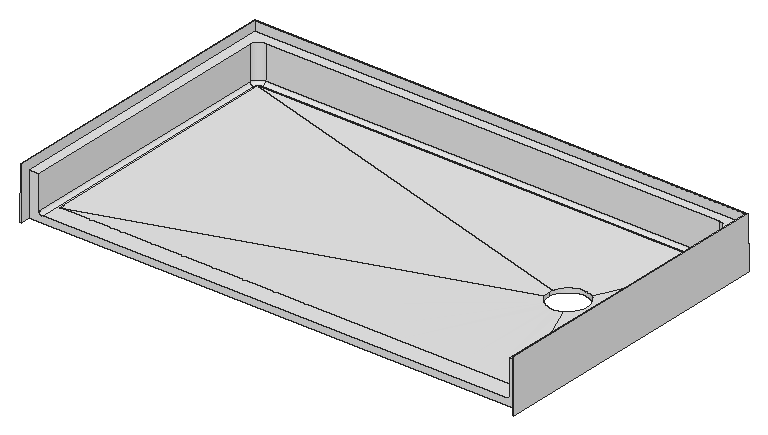
Revit family "P5430E75T,E75T,E2B,E2B", category Plumbing Fixtures, Revit 2017
Family settings
  Round Connector Dimension = Use Diameter
  Part Type = Normal
  OmniClass Number = 23.45.05.14.17
  OmniClass Title = Showers
  Work Plane-Based = No
  Always vertical = Yes
  Cut with Voids When Loaded = No
  Shared = No
  Room Calculation Point = No
Parameters (values of type "P5430E75B")
  Unit Width = 54"
  Unit Height = 5 3/4"
  Unit Depth = 31"
  URL = "http://www.bestbath.com/"
  Type Comments = "Barrier Free"
  Threshold Height = 3/4"
  Model = "P5430E75B"
  Material [instance] = Best Bath Gelcoat Fiberglass - Smooth
  Manufacturer = "Best Bath Systems, Inc."
  Keynote = "22 40 00.B3"
  Description = "Beveled Threshold"
  Assembly Code = "D2010710"
Types (5): name | Unit Height | Threshold Height | Model | Description
  (no name) | 5 3/4" | 3/4" | "P5430E75B" | "Beveled Threshold"
  P5430E75B | 5 3/4" | 3/4" | "P5430E75B" | "Beveled Threshold"
  P5430E75T | 5 3/4" | 3/4" | "P5430E75T" | "Traditionals Bull Nose Threshold"
  P5430E2T | 7" | 2" | "P5430E2T" | "Traditionals Bull Nose Threshold"
  P5430E2B | 7" | 2" | "P5430E2B" | "Beveled Threshold"
Reference planes (in)
  plane 1: z = 0
  plane 2: y = 5.36165
  plane 3: y = 36.36165
  plane 4: y = 35.11165
  plane 5: y = 22.36165
  plane 6: z = 0.375
  plane 7: z = 0.75
  plane 8: z = 4.75
  plane 9: y = 4.36165
  plane 10: y = 5.36165
  plane 11: x = 0
  plane 12: x = 54
Forms (in)
  Extrusion 1, solid, material "Best Bath Gelcoat Fiberglass - Smooth"
    sketch origin (0, 0, 0) x (1, 0, 0) y (0, 1, 0)
      loop
        line (0, 5.36165) -> (54, 5.36165) -> (54, 36.36165) -> (0, 36.36165) -> (0, 5.36165)
      loop
        circle (45.5, 22.36165) r 2.125
    from 0 to 0.75
  Blend 2, void
    base sketch origin (0, 0, 0) x (1, 0, 0) y (0, 1, 0)
      loop
        line (1.875, 7.36165) -> (52.125, 7.36165) -> (52.125, 34.48665) -> (1.875, 34.48665) -> (1.875, 7.36165)
    top sketch origin (0, 0, 0) x (1, 0, 0) y (0, 1, 0)
      loop
        circle (45.5, 22.36165) r 0.07952
    from 0.75 to 0.375
  Extrusion 3, solid, material "Best Bath Gelcoat Fiberglass - Smooth"
    sketch origin (0, 0, 0) x (1, 0, 0) y (0, 1, 0)
      loop
        line (0, 36.36165) -> (0, 5.36165) -> (1.25, 5.36165) -> (1.25, 34.11165)
        arc (1.25, 34.11165) -> (1.54289, 34.81875) -> (2.25, 35.11165) r 1
        line (2.25, 35.11165) -> (51.75, 35.11165)
        arc (51.75, 35.11165) -> (52.45711, 34.81875) -> (52.75, 34.11165) r 1
        line (52.75, 34.11165) -> (52.75, 5.36165) -> (54, 5.36165) -> (54, 35.11165) -> (54, 36.36165) -> (0, 36.36165)
    from 0 to 4.75
  Sweep 4, solid, material "Best Bath Gelcoat Fiberglass - Smooth"
    path origin (0, 0, 0) x (1, 0, 0) y (0, 1, 0)
      loop
        line (1.25, 5.36165) -> (1.25, 34.11165)
        arc (1.25, 34.11165) -> (1.54289, 34.81875) -> (2.25, 35.11165) r 1
        line (2.25, 35.11165) -> (51.75, 35.11165)
        arc (51.75, 35.11165) -> (52.45711, 34.81875) -> (52.75, 34.11165) r 1
        line (52.75, 34.11165) -> (52.75, 5.36165)
    profile origin (1.25, 19.73665, 0) x (-1, 0, 0) y (0, 0, 1)
      loop
        line (0, 0.75) -> (0, 1.125)
        arc (0, 1.125) -> (-0.10983, 0.85983) -> (-0.375, 0.75) r 0.375
        line (-0.375, 0.75) -> (0, 0.75)
  Extrusion 5, solid, material "Best Bath Gelcoat Fiberglass - Smooth"
    sketch origin (0, 0, 0) x (1, 0, 0) y (0, 1, 0)
      loop
        line (0, 4.36165) -> (0.125, 4.36165) -> (0.125, 36.23752) -> (53.875, 36.23752) -> (53.875, 4.36165) -> (54, 4.36165) -> (54, 36.36165) -> (0, 36.36165) -> (0, 4.36165)
    from 0 to 5.75
Cuts and joins
  Blend 2 cuts Extrusion 1
  joined: Extrusion 1, Extrusion 3, Sweep 4, Extrusion 5
Dimensions and locks (in)
  locked: plane 3 to plane 4 at 1.25
  plane 3 to plane 5 = 14"
  "Threshold Height": plane 7 to level
  locked: plane 7 to plane 6 at 0.375
  locked: plane 2 to plane 9 at 1
  "Unit Depth": plane 3 to plane 10
  Extrusion 5 sketch curve to cut or joined group of Extrusion 1, Blend 2, Extrusion 3, Sweep 4, Extrusion 5 = 0.12413"
  plane 8 to plane 7 = 4"
  locked: cut or joined group of Extrusion 1, Blend 2, Extrusion 3, Sweep 4, Extrusion 5 to plane 8 at 1
  Blend 2 sketch curve to cut or joined group of Extrusion 1, Blend 2, Extrusion 3, Sweep 4, Extrusion 5 = 8 1/2"
  "Unit Width": plane 11 to plane 12
  aligned and locked: level to plane 1
  aligned and locked: Extrusion 1 sketch curve to plane 2
  aligned and locked: plane 3 to Extrusion 1 sketch curve
  aligned and locked: plane 5 to Extrusion 1 sketch curve
  aligned and locked: plane 7 to Extrusion 1
  aligned and locked: plane 5 to Blend 2 sketch curve
  aligned and locked: Extrusion 1 to Blend 2
  aligned and locked: Blend 2 to plane 6
  aligned and locked: plane 8 to Extrusion 3
  aligned and locked: Sweep 4 sketch curve to plane 7
Automatic sketch dimensions
  Blend 2 sketch curve to plane 4 = 5/8"
  plane 2 to Blend 2 sketch curve = 2"
  Extrusion 3 sketch curve to plane 2 = 0"  (x2)
  Extrusion 3 sketch curve to plane 4 = 0"  (x2)
  Extrusion 3 sketch curve to plane 3 = 0"
  Extrusion 3 sketch curve to Extrusion 3 sketch curve = 1 1/4"  (x2)
  Extrusion 3 sketch curve to Extrusion 3 sketch curve = 1"
  Extrusion 3 sketch curve to plane 4 = 1"
  Sweep 4 sketch curve to plane 2 = 0"  (x2)
  Sweep 4 sketch curve to plane 4 = 0"
  Sweep 4 sketch curve to Sweep 4 sketch curve = 1"
  Sweep 4 sketch curve to plane 4 = 1"
  Sweep 4 sketch curve to profile plane = 0"
  profile plane to Sweep 4 sketch curve = 3/8"
  Extrusion 1 sketch curve to Extrusion 1 sketch curve = 8 1/2"
  Blend 2 sketch curve to Blend 2 sketch curve = 50 1/4"
  Extrusion 3 sketch curve to Extrusion 3 sketch curve = 49 1/2"
  Sweep 4 sketch curve to Sweep 4 sketch curve = 49 1/2"
  Extrusion 1 sketch curve to Extrusion 1 sketch curve = 45 1/2"
  Extrusion 5 sketch curve to plane 9 = 0"  (x2)
  Extrusion 5 sketch curve to plane 3 = 0"
  Extrusion 5 sketch curve to Extrusion 5 sketch curve = 1/8"  (x2)
  Extrusion 5 sketch curve to Extrusion 5 sketch curve = 53 3/4"
  radius of Extrusion 1 sketch curve = 2 1/8"
  radius of Blend 2 sketch curve = 0.07952"
